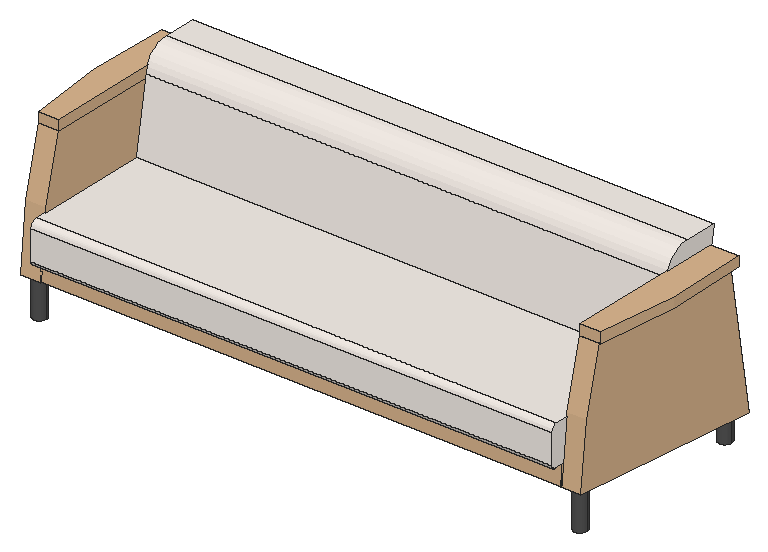
Revit family
Parameters (values of type "84"")
  Frame Material = Wood - Cherry
  Assembly Code = "E2020200"
  Length = 7' - 0"
  Seat Material = Textile - Linen, Smooth
  Feet Material = Metal - Chrome
Types (3): name | Length
  (no name) | 7' - 0"
  84" | 7' - 0"
  65" | 5' - 5"
Reference planes (in)
  plane 1 "Center (Front/Back)": y = 10.90984
  plane 2: z = 0
  plane 3 "Center (Left/Right)": x = 10.96875
  plane 4: y = 27.40984
  plane 5: y = -5.59016
  plane 6: x = 52.96875
  plane 7: x = -31.03125
  plane 8: z = 29
  plane 9: z = 16
  plane 10: x = 49.96875
  plane 11: x = -28.03125
  plane 12: x = -29.53125
  plane 13: x = 51.46875
  plane 14: y = 24.90984
  plane 15: y = -2.09016
Forms (in)
  Extrusion 1, solid, material "Textile - Linen, Smooth" <- "Seat Material"
    sketch origin (0, 0, 0) x (0, 1, 0) y (0, 0, 1)
      loop
        arc (-5.59016, 9.45378) -> (-5.40711, 9.01184) -> (-4.96516, 8.82878) r 0.625
        line (-4.96516, 8.82878) -> (26.2856, 8.82878) -> (23.99755, 24.41622) -> (24.65884, 28.5857) -> (19.77383, 28.5857)
        arc (19.77383, 28.5857) -> (17.20268, 27.64988) -> (15.8346, 25.2803) r 4
        line (15.8346, 25.2803) -> (13.99171, 14.82878) -> (-4.59016, 14.82878)
        arc (-4.59016, 14.82878) -> (-5.29727, 14.53589) -> (-5.59016, 13.82878) r 1
        line (-5.59016, 13.82878) -> (-5.59016, 9.45378)
    from -28.03125 to 49.96875
  Extrusion 2, solid, material "Wood - Cherry" <- "Frame Material"
    sketch origin (49.96875, 0, 0) x (0, 1, 0) y (0, 0, 1)
      loop
        line (-3.85, 5.87837) -> (27.40984, 3.14349) -> (23.96424, 24.64647) -> (-0.36986, 24.64647)
        arc (-0.36986, 24.64647) -> (-2.82561, 15.39513) -> (-3.85, 5.87837) r 62.93472
    from 0 to 3
  Extrusion 3, solid, material "Wood - Cherry" <- "Frame Material"
    sketch origin (-28.03125, 0, 0) x (0, 1, 0) y (0, 0, 1)
      loop
        line (23.96424, 24.64647) -> (-0.36986, 24.64647)
        arc (-0.36986, 24.64647) -> (-2.82561, 15.39513) -> (-3.85, 5.87837) r 62.93472
        line (-3.85, 5.87837) -> (27.40984, 3.14349) -> (23.96424, 24.64647)
    from 0 to -3
  Extrusion 4, solid, material "Wood - Cherry" <- "Frame Material"
    sketch origin (49.96875, 0, 0) x (0, 1, 0) y (0, 0, 1)
      loop
        line (-3.68879, 8.82878) -> (-3.68879, 5.82878) -> (26.31121, 5.82878) -> (26.31121, 8.82878) -> (-3.68879, 8.82878)
    from 0 to -78
  Extrusion 5, solid, material "Wood - Cherry" <- "Frame Material"
    sketch origin (-28.03125, 23.96424, 24.64647) x (-1, 0, 0) y (0, -1, 0)
      loop
        line (3, 24.3341) -> (0, 24.3341) -> (0, 0) -> (4, 0)
        arc (4, 0) -> (4.35795, 12.20231) -> (3, 24.3341) r 86.77548
      loop
        arc (-81.08351, 24.3341) -> (-82.53835, 12.20426) -> (-82.27875, -0.00975) r 86.9494
        line (-82.27875, -0.00975) -> (-78, -0.00975) -> (-78, 24.3341) -> (-81.08351, 24.3341)
    from 0 to 1.5
  Extrusion 6, solid, material "Metal - Chrome" <- "Feet Material"
    sketch origin (0, 0, 0) x (1, 0, 0) y (0, 1, 0)
      loop
        circle (-29.53125, -2.09016) r 1
      loop
        circle (-29.53125, 24.90984) r 1
      loop
        circle (51.46875, 24.90984) r 1
      loop
        circle (51.46875, -2.09016) r 1
    from 0 to 5.84375
Lines and regions (in)
  Masking region 1
    outline origin (0, 0, 0) x (1, 0, 0) y (0, 1, 0)
      loop
        line (-28.03125, 27.40984) -> (-31.03125, 27.40984) -> (-31.03125, 23.96424) -> (-32.03125, 23.96424)
        arc (-32.03125, 23.96424) -> (-32.3892, 11.76194) -> (-31.03125, -0.36986) r 86.77548
        line (-31.03125, -0.36986) -> (-31.03125, -3.85) -> (-28.03125, -3.85) -> (-28.03125, -5.59016) -> (49.96875, -5.59016) -> (49.96875, -3.85) -> (52.96875, -3.85) -> (52.96875, -0.79898)
        arc (52.96875, -0.79898) -> (54.49611, 11.54167) -> (54.2475, 23.974) r 86.9494
        line (54.2475, 23.974) -> (52.96875, 23.974) -> (52.96875, 27.40984) -> (49.96875, 27.40984) -> (49.96875, 26.31121) -> (-28.03125, 26.31121) -> (-28.03125, 27.40984)
  symbolic lines
    curve 1: line (-28.03125, 26.2856, 0) -> (-28.03125, -3.85, 0)
    curve 2: line (-28.03125, 19.77383, 0) -> (49.96875, 19.77383, 0)
    curve 3: line (-28.03125, 19.77383, 0) -> (-28.03125, -3.85, 0)
    curve 4: line (49.96875, 19.77383, 0) -> (49.96875, -3.85, 0)
    curve 5: line (-28.03125, 26.2856, 0) -> (-28.03125, 19.77383, 0)
    curve 6: line (-28.03125, 19.77383, 0) -> (49.96875, 19.77383, 0)
    curve 7: line (49.96875, 26.2856, 0) -> (49.96875, 19.77383, 0)
    curve 8: line (-31.03125, 23.96424, 0) -> (-28.03125, 23.96424, 0)
    curve 9: line (-31.03125, -0.36986, 0) -> (-28.03125, -0.36986, 0)
    curve 10: line (49.96875, -0.36986, 0) -> (52.96875, -0.36986, 0)
    curve 11: line (52.96875, 23.974, 0) -> (49.96875, 23.974, 0)
Dimensions and locks (in)
  equal spacing: plane 7, plane 3 "Center (Left/Right)", plane 6
  "Length": plane 7 to plane 6
  equal spacing: plane 5, plane 1 "Center (Front/Back)", plane 4
  locked: plane 5 to plane 4 at 33
  locked: plane 14 to plane 4 at 2.5
  locked: plane 5 to plane 15 at 3.5
  locked: plane 7 to plane 11 at 3
  locked: plane 10 to plane 6 at 3
  locked: plane 7 to plane 12 at 1.5
  locked: plane 13 to plane 6 at 1.5
  Masking region 1 to Extrusion 5 = 0' - 3.48015"
  aligned and locked: Extrusion 1 to plane 10
  aligned and locked: plane 11 to Extrusion 1
  aligned and locked: Extrusion 2 to plane 6
  aligned and locked: plane 7 to Extrusion 3
  aligned and locked: Extrusion 1 to Extrusion 4 sketch curve
  aligned and locked: plane 11 to Extrusion 4
  aligned and locked: Extrusion 5 sketch curve to Extrusion 5 sketch curve
  aligned and locked: Extrusion 5 sketch curve to Extrusion 3
  aligned and locked: plane 5 to Extrusion 1
  aligned and locked: Masking region 1 sketch curve to Extrusion 3
  aligned and locked: Masking region 1 sketch curve to plane 4
  aligned and locked: Masking region 1 sketch curve to plane 6  (x2)
  aligned and locked: plane 6 to curve 10
  aligned and locked: Extrusion 5 to Masking region 1
  aligned and locked: plane 7 to Masking region 1 sketch curve
  aligned and locked: Masking region 1 sketch curve to Extrusion 5  (x2)
  aligned and locked: Extrusion 5 to Masking region 1 sketch curve
Automatic sketch dimensions
  Extrusion 1 sketch curve to plane 5 = 0' - 0"
  Extrusion 1 sketch curve to Extrusion 1 sketch curve = 0' - 0 5/8"
  Extrusion 1 sketch curve to Extrusion 1 sketch curve = 0' - 1"
  Extrusion 1 sketch curve to plane 1 "Center (Front/Back)" = 0' - 3.08188"
  Extrusion 1 sketch curve to plane 1 "Center (Front/Back)" = 0' - 4.92476"
  Extrusion 1 sketch curve to Extrusion 1 sketch curve = 0' - 3.93923"
  plane 4 to Extrusion 1 sketch curve = 0' - 3.41229"
  plane 8 to Extrusion 1 sketch curve = 0' - 0.4143"
  plane 4 to Extrusion 1 sketch curve = 0' - 2.751"
  plane 4 to Extrusion 1 sketch curve = 0' - 1.12424"
  Extrusion 1 sketch curve to Extrusion 1 sketch curve = 0' - 3.30541"
  Extrusion 1 sketch curve to Extrusion 1 sketch curve = 0' - 4.16949"
  plane 9 to Extrusion 1 sketch curve = 0' - 1.17122"
  Extrusion 1 sketch curve to Extrusion 1 sketch curve = 0' - 4 3/8"
  Extrusion 4 sketch curve to plane 5 = 0' - 1.90138"
  plane 4 to Extrusion 4 sketch curve = 0' - 1.09862"
  Extrusion 4 sketch curve to Extrusion 4 sketch curve = 0' - 3"
  Extrusion 5 sketch curve to plane 10 = 0' - 0"
  Extrusion 5 sketch curve to plane 11 = 0' - 0"
  Extrusion 5 sketch curve to plane 6 = 0' - 0.08351"
  Extrusion 5 sketch curve to plane 6 = 0' - 1.27875"
  Extrusion 5 sketch curve to plane 6 = 0' - 1.34435"
  plane 7 to Extrusion 5 sketch curve = 0' - 0"
  plane 7 to Extrusion 5 sketch curve = 0' - 1"
  plane 7 to Extrusion 5 sketch curve = 0' - 1.30643"
  plane 4 to Extrusion 5 sketch curve = 0' - 3.44559"
  plane 4 to Extrusion 5 sketch curve = 0' - 3.43584"
  Extrusion 6 sketch curve to plane 14 = 0' - 0"  (x2)
  Extrusion 6 sketch curve to plane 15 = 0' - 0"  (x2)
  Extrusion 6 sketch curve to plane 12 = 0' - 0"  (x2)
  Extrusion 6 sketch curve to plane 13 = 0' - 0"  (x2)
  Extrusion 6 sketch curve to plane 7 = 0' - 0 1/2"  (x2)
  Extrusion 6 sketch curve to plane 10 = 0' - 0 1/2"  (x2)
  Extrusion 2 sketch curve to Extrusion 1 = 0' - 1.74016"
  Extrusion 2 sketch curve to Extrusion 1 = 0' - 3.93923"
  Extrusion 2 sketch curve to Extrusion 1 = 0' - 5.22031"
  Extrusion 2 sketch curve to Extrusion 2 sketch curve = 2' - 0.3341"
  Extrusion 1 to Extrusion 2 sketch curve = 0' - 5.68529"
  Extrusion 2 sketch curve to Extrusion 2 sketch curve = 0' - 3.44559"
  Extrusion 1 to Extrusion 2 sketch curve = 0' - 4.90796"
  Extrusion 2 sketch curve to Extrusion 2 sketch curve = 2' - 7.64443"
  Extrusion 1 to Extrusion 3 sketch curve = 0' - 1.74016"
  Extrusion 1 to Extrusion 3 sketch curve = 0' - 3.93923"
  Extrusion 1 to Extrusion 3 sketch curve = 0' - 5.22031"
  Extrusion 3 sketch curve to Extrusion 3 sketch curve = 2' - 0.3341"
  Extrusion 3 sketch curve to Extrusion 3 sketch curve = 0' - 3.44559"
  Extrusion 3 sketch curve to Extrusion 1 = 0' - 5.68529"
  Extrusion 3 sketch curve to Extrusion 1 = 0' - 4.90796"
  Extrusion 3 sketch curve to Extrusion 3 sketch curve = 2' - 7.64443"
  curve 9 to plane 7 = 0' - 0"
  curve 8 to plane 7 = 0' - 0"
  curve 2 to plane 11 = 0' - 0"
  curve 7 to plane 10 = 0' - 0"
  curve 11 to plane 6 = 0' - 0"
  curve 1 to plane 5 = 0' - 1.74016"
  curve 4 to plane 5 = 0' - 1.74016"
  curve 1 to curve 9 = 0' - 3.48015"
  curve 4 to curve 10 = 0' - 3.48015"
  plane 4 to curve 2 = 0' - 7.63601"
  plane 4 to curve 8 = 0' - 3.44559"
  plane 4 to curve 11 = 0' - 3.43584"
  plane 4 to curve 5 = 0' - 1.12424"
  plane 4 to curve 7 = 0' - 1.12424"
  Masking region 1 sketch curve to plane 7 = 0' - 0"
  Masking region 1 sketch curve to plane 5 = 0' - 0"
  Masking region 1 sketch curve to plane 11 = 0' - 0"  (x2)
  Masking region 1 sketch curve to plane 10 = 0' - 0"  (x2)
  Masking region 1 sketch curve to Masking region 1 sketch curve = 0' - 1"
  Masking region 1 sketch curve to plane 5 = 0' - 1.74016"  (x2)
  plane 4 to Masking region 1 sketch curve = 0' - 1.09862"
